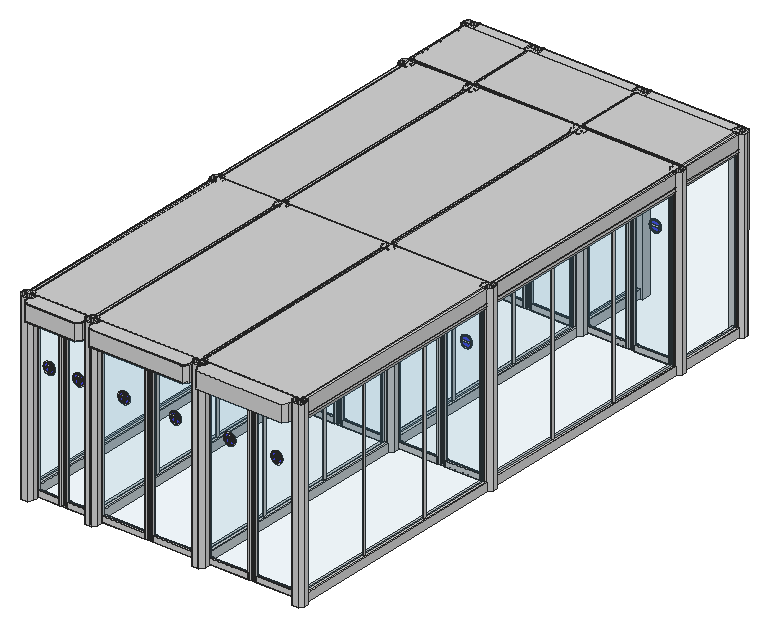
Revit family "ASSA_ABLOY_SecurityPortals_EL_Triple", category Doors, Revit 2020 (continued)
Definition of nested family "PartTriple"
  Definition of nested family "Panel"
    Forms (mm)
      Sweep 3, solid, material <- "Frames"
        profile origin (122.728, 0, 0) x (0, -1, 0) y (0, 0, 1)
          loop
            line (-15, 90) -> (-15, 20) -> (-12, 20) -> (-12, 33) -> (12, 33) -> (12, 20) -> (15, 20) -> (15, 90) -> (2, 90) -> (2, 45.4) -> (-12, 45.4) -> (-12, 90) -> (-15, 90)
      Sweep 4, solid, material <- "Rubber"
        path origin (0, 0, 0) x (1, 0, 0) y (0, 1, 0)
          loop
            line (222.457, 0) -> (33.008, 0)
        profile origin (127.733, 0, 0) x (0, -1, 0) y (0, 0, 1)
          loop
            line (-12, 20) -> (-1.235, 20) -> (-0.472, 7) -> (0.472, 7) -> (1.235, 20) -> (12, 20) -> (12, 30.5) -> (0, 30.5) -> (-12, 30.5) -> (-12, 20)
      Sweep 5, solid, material <- "Frames"
        path origin (0, 0, 2100) x (0, -1, 0) y (1, 0, 0)
          loop
            line (0, 222.457) -> (0, 23)
        profile origin (122.728, 0, 2100) x (0, -1, 0) y (0, 0, 1)
          loop
            line (-15, -77) -> (-12, -77) -> (-12, -32.4) -> (2, -32.4) -> (2, -77) -> (15, -77) -> (15, -7) -> (12, -7) -> (12, -20) -> (-12, -20) -> (-12, -7) -> (-15, -7) -> (-15, -77)
      Extrusion 6, solid, material <- "PanelGlass"
        sketch origin (0, 0, 0) x (1, 0, 0) y (0, 1, 0)
          loop
            line (230.45, 0) -> (230.45, 8) -> (15, 8) -> (15, 0) -> (230.45, 0)
        from 49 to 2064
      Sweep 7, solid, visible <- "Entry"
        path origin (0, 0, 0) x (1, 0, 0) y (0, 1, 0)
          loop
            line (122.728, 0) -> (122.728, -1.002)
        profile origin (122.728, -0.501, 0) x (1, 0, 0) y (0, 0, 1)
          loop
            circle (0, 1520) r 75
          loop
            circle (0, 1520) r 65
          loop
            line (10, 1465) -> (10, 1543.636) -> (40, 1507.883) -> (40, 1527.33) -> (0, 1575) -> (-40, 1527.33) -> (-40, 1507.883) -> (-10, 1543.636) -> (-10, 1465) -> (10, 1465)
      Sweep 8, solid, visible <- "Exit"
        path origin (0, 0, 0) x (1, 0, 0) y (0, 1, 0)
          loop
            line (122.728, 9) -> (122.728, 8)
        profile origin (122.728, 8.5, 0) x (1, 0, 0) y (0, 0, 1)
          loop
            circle (0, 1520) r 75
          loop
            circle (0, 1520) r 65
          loop
            line (55, 1530) -> (-55, 1530) -> (-55, 1510) -> (55, 1510) -> (55, 1530)
      Sweep 9, solid, visible <- "Entry"
        path origin (0, 0, 0) x (1, 0, 0) y (0, 1, 0)
          loop
            line (122.728, 0) -> (122.728, -1.002)
        profile origin (122.728, -0.501, 0) x (1, 0, 0) y (0, 0, 1)
          loop
            circle (0, 1520) r 65
          loop
            line (10, 1465) -> (10, 1543.636) -> (40, 1507.883) -> (40, 1527.33) -> (0, 1575) -> (-40, 1527.33) -> (-40, 1507.883) -> (-10, 1543.636) -> (-10, 1465) -> (10, 1465)
      Sweep 10, solid, visible <- "Exit"
        path origin (0, 0, 0) x (1, 0, 0) y (0, 1, 0)
          loop
            line (122.728, 9) -> (122.728, 8)
        profile origin (122.728, 8.5, 0) x (1, 0, 0) y (0, 0, 1)
          loop
            circle (0, 1520) r 65
          loop
            line (55, 1530) -> (-55, 1530) -> (-55, 1510) -> (55, 1510) -> (55, 1530)
      Sweep 11, solid, material <- "Frames", visible <- "RightPanel"
        path origin (0, 0, 0) x (1, 0, 0) y (0, 0, 1)
          loop
            line (273.1, 2093) -> (273.1, 20)
        profile origin (273.1, 0, 1056.5) x (0, -1, 0) y (1, 0, 0)
          loop
            line (-12.001, -39.05) -> (1.998, -39.05) -> (1.998, -50.643) -> (14.998, -50.643) -> (14.998, -35.65) -> (11.997, -16.65) -> (11.997, -2.65)
            arc (11.997, -2.65) -> (9.768, 2.472) -> (4.5, 4.332) r 7
            line (4.5, 4.332) -> (4.5, -14.15) -> (-4.5, -14.15) -> (-4.5, 4.332)
            arc (-4.5, 4.332) -> (-9.769, 2.473) -> (-11.999, -2.65) r 7
            line (-11.999, -2.65) -> (-11.999, -16.65) -> (-15.001, -35.65) -> (-15.001, -50.643) -> (-12.001, -50.643) -> (-12.001, -39.05)
    Lines and regions (mm)
      Masking region 1
        outline origin (0, 0, 0) x (1, 0, 0) y (0, 1, 0)
          loop
            arc (13.229, 15) -> (-20, 0) -> (13.229, -15) r 20
            line (13.229, -15) -> (23, -15) -> (23, 15) -> (13.229, 15)
      Masking region 2
        outline origin (0, 0, 0) x (1, 0, 0) y (0, 1, 0)
          loop
            line (23, -15) -> (222.457, -15) -> (222.457, 15) -> (23, 15) -> (23, -15)
      Masking region 3, visible <- "LeftPanel", detail levels fine
        outline origin (0, 0, 0) x (1, 0, 0) y (0, 1, 0)
          loop
            line (222.457, -14.998) -> (237.45, -14.998) -> (259.855, -11.459) -> (265.445, -4) -> (280.449, -4) -> (280.449, 4.002) -> (265.445, 4.002) -> (259.855, 11.461) -> (237.45, 15.001) -> (222.457, 15.001) -> (222.457, -14.998)
      Masking region 4, visible <- "RightPanel", detail levels fine
        outline origin (0, 0, 0) x (1, 0, 0) y (0, 1, 0)
          loop
            line (237.45, -14.998) -> (256.45, -11.997) -> (270.45, -11.997)
            arc (270.45, -11.997) -> (275.572, -9.768) -> (277.432, -4.5) r 7
            line (277.432, -4.5) -> (258.95, -4.5) -> (258.95, 4.5) -> (277.432, 4.5)
            arc (277.432, 4.5) -> (275.573, 9.769) -> (270.45, 11.999) r 7
            line (270.45, 11.999) -> (256.45, 11.999) -> (237.45, 15.001) -> (222.457, 15.001) -> (222.457, -14.998) -> (237.45, -14.998)
      Masking region 5, detail levels medium
        outline origin (0, 0, 0) x (1, 0, 0) y (0, 1, 0)
          loop
            line (273.1, -11.997) -> (273.1, 11.999) -> (256.45, 11.999) -> (237.45, 15.001) -> (222.457, 15.001) -> (222.457, -14.998) -> (237.45, -14.998) -> (256.45, -11.997) -> (273.1, -11.997)
      Masking region 6, detail levels coarse
        outline origin (0, 0, 0) x (1, 0, 0) y (0, 1, 0)
          loop
            line (222.457, -14.998) -> (273.1, -14.998) -> (273.1, 15.001) -> (222.457, 15.001) -> (222.457, -14.998)
      reference lines
        curve 1: line (0, 0, 0) -> (500, 0, 0)
        curve 2: line (0, 8, 0) -> (500, 8, 0)
        curve 3: line (273.1, 0, 0) -> (273.1, 0, 27.063)
        curve 4: line (235.45, 0, 0) -> (235.45, 0, 37.698)
        curve 5: line (230.45, 0, 0) -> (230.45, 0, 37.698)
        curve 6: line (222.457, 0, 0) -> (222.457, 0, 37.698)
        curve 7: line (122.728, 0, 0) -> (122.728, 0, 40)
        curve 8: line (30.5, 0, 0) -> (30.5, 0, 40)
        curve 9: line (23, 0, 0) -> (23, 0, 40)
        curve 10: line (15, 0, 0) -> (15, 0, 40)
        curve 11: line (0, 0, 0) -> (0, 0, 40)
        curve 12: line (235.45, 0, 0) -> (235.45, 8, 0)
        curve 13: line (230.45, 0, 0) -> (230.45, 8, 0)
        curve 14: line (222.457, 0, 0) -> (222.457, 8, 0)
        curve 15: line (122.728, 0, 0) -> (122.728, 8, 0)
        curve 16: line (30.5, 0, 0) -> (30.5, 8, 0)
        curve 17: line (23, 0, 0) -> (23, 8, 0)
        curve 18: line (15, 0, 0) -> (15, 8, 0)
        curve 19: line (0, 0, 2100) -> (500, 0, 2100)
        curve 20: line (273.1, 0, 0) -> (273.1, 8, 0)
      symbolic lines, detail levels medium+fine
        curve 21: line (234.05, -1.998, 0) -> (222.457, -1.998, 0)
        curve 22: line (234.05, 12.001, 0) -> (234.05, -1.998, 0)
        curve 23: line (222.457, 12.001, 0) -> (234.05, 12.001, 0)
        curve 24: line (23, 12, 0) -> (399.107, 12, 0)
        curve 25: line (399.107, -2, 0) -> (23, -2, 0)
        curve 26: line (23, -2, 0) -> (11.4, -2, 0)
        curve 27: line (11.4, -2, 0) -> (11.4, 12, 0)
        curve 28: line (11.4, 12, 0) -> (23, 12, 0)
        curve 33: line (222.457, -1.998, 0) -> (222.457, -14.998, 0)
        curve 34: line (222.457, 15.001, 0) -> (222.457, 12.001, 0)
        curve 35: line (23, -15, 0) -> (23, -2, 0)
        curve 36: line (23, 12, 0) -> (23, 15, 0)
      symbolic lines, detail levels fine
        curve 29: line (15, 8, 0) -> (15, 0, 0)
        curve 30: line (15, 0, 0) -> (407.1, 0, 0)
        curve 31: line (407.1, 8, 0) -> (15, 8, 0)
        curve 32: line (407.1, 0, 0) -> (407.1, 8, 0)
    Dimensions and locks
      "PassageHeight": plane 4 "Top" to plane 2
      locked: plane 4 "Top" to plane 5 at 7
      locked: plane 4 "Top" to plane 8 at 36
      curve 8 to curve 9 to curve 10 to curve 11 = 7.50 mm locked, 8.00 mm locked, 15.00 mm locked
      curve 3 to curve 4 to curve 5 to curve 6 = 37.65 mm locked, 5.00 mm locked, 7.993 mm locked
      equal spacing: curve 6, curve 7, curve 9
      "PanelWidth": curve 3 to curve 11
      "PassageHeight": curve 19 to curve 1
      "OpeningRotationAngle": angle plane 1 "Center (Front/Back)" to curve 1
      aligned and locked: level to plane 2
      aligned and locked: plane 4 "Top" to Sweep 1 sketch curve
      aligned and locked: level to Sweep 1 sketch curve
      aligned and locked: plane 5 to Sweep 2 sketch curve
      aligned and locked: plane 6 to Sweep 2 sketch curve
      aligned and locked: plane 8 to Extrusion 6
      aligned and locked: Extrusion 6 to plane 9
      aligned and locked: plane 3 "Center (Left/Right)" to curve 1
      aligned and locked: plane 1 "Center (Front/Back)" to curve 1
      aligned and locked: Sweep 3 sketch curve to curve 1
      aligned and locked: Sweep 5 sketch curve to curve 1
      aligned and locked: Sweep 1 sketch curve to curve 11
      aligned and locked: Sweep 4 sketch curve to curve 1
      aligned and locked: Sweep 2 sketch curve to curve 3
      aligned and locked: Sweep 3 sketch curve to curve 14
      aligned and locked: Sweep 3 sketch curve to curve 17
      aligned and locked: Extrusion 6 to curve 5
      aligned and locked: Sweep 7 sketch curve to curve 15
      aligned and locked: Sweep 9 sketch curve to curve 15
      aligned and locked: Sweep 8 sketch curve to curve 15
      aligned and locked: Sweep 10 sketch curve to curve 15
      aligned and locked: Sweep 11 sketch curve to curve 3
      aligned and locked: plane 6 to Sweep 11 sketch curve
      aligned and locked: plane 5 to Sweep 11 sketch curve
      aligned and locked: Sweep 5 sketch curve to curve 14
      aligned and locked: Sweep 4 sketch curve to curve 14
      aligned and locked: Masking region 1 sketch curve to Sweep 1  (x3)
      aligned and locked: Masking region 2 sketch curve to Sweep 3  (x2)
      aligned and locked: Masking region 2 sketch curve to curve 17
      aligned and locked: Masking region 2 sketch curve to curve 14
      aligned and locked: Masking region 1 sketch curve to curve 17
      aligned and locked: Masking region 3 sketch curve to curve 14
      aligned and locked: Masking region 3 sketch curve to Sweep 2  (x9)
      aligned and locked: Masking region 4 sketch curve to Sweep 11  (x10)
      aligned and locked: Masking region 4 sketch curve to curve 14
      aligned and locked: Masking region 5 sketch curve to curve 20
      aligned and locked: Masking region 5 sketch curve to Sweep 11  (x6)
      aligned and locked: Masking region 5 sketch curve to curve 14
      aligned and locked: Masking region 6 sketch curve to curve 14
      aligned and locked: Masking region 6 sketch curve to Sweep 11  (x2)
      aligned and locked: Masking region 6 sketch curve to curve 20
      aligned and locked: curve 21 to Sweep 11
      aligned and locked: curve 22 to Sweep 11
      aligned and locked: curve 23 to Sweep 11
      aligned and locked: curve 24 to Sweep 3
      aligned and locked: curve 25 to Sweep 3
      aligned and locked: curve 26 to Sweep 1
      aligned and locked: curve 27 to Sweep 1
      aligned and locked: curve 28 to Sweep 1
      aligned and locked: curve 29 to Extrusion 6
      aligned and locked: curve 30 to Extrusion 6
      aligned and locked: curve 31 to Extrusion 6
      aligned and locked: curve 33 to Sweep 11
      aligned and locked: curve 34 to Sweep 11
      aligned and locked: curve 35 to Sweep 1
      aligned and locked: curve 36 to Sweep 1
    Automatic sketch dimensions
      Sweep 4 sketch curve to profile plane = 0.00 mm
      profile plane to Sweep 4 sketch curve = 0.472 mm
      Sweep 4 sketch curve to profile plane = 1.235 mm
      level to Sweep 4 sketch curve = 7.00 mm
      Sweep 4 sketch curve to Sweep 4 sketch curve = 0.00 mm
      Sweep 4 sketch curve to Sweep 4 sketch curve = 10.50 mm
      Sweep 4 sketch curve to profile plane = 0.472 mm
      profile plane to Sweep 4 sketch curve = 1.235 mm
      Sweep 4 sketch curve to Sweep 4 sketch curve = 10.765 mm  (x2)
      Sweep 4 sketch curve to Sweep 4 sketch curve = 13.00 mm
      profile plane to Sweep 3 sketch curve = 15.00 mm
      Sweep 3 sketch curve to Sweep 3 sketch curve = 3.00 mm  (x3)
      Sweep 3 sketch curve to profile plane = 2.00 mm
      Sweep 3 sketch curve to profile plane = 12.00 mm
      level to Sweep 3 sketch curve = 20.00 mm  (x2)
      Sweep 3 sketch curve to Sweep 3 sketch curve = 13.00 mm
      Sweep 3 sketch curve to Sweep 3 sketch curve = 12.40 mm
      Sweep 3 sketch curve to Sweep 3 sketch curve = 44.60 mm
      Sweep 3 sketch curve to Sweep 3 sketch curve = 0.00 mm
      profile plane to Sweep 5 sketch curve = 15.00 mm
      Sweep 5 sketch curve to Sweep 5 sketch curve = 3.00 mm  (x3)
      Sweep 5 sketch curve to profile plane = 2.00 mm
      Sweep 5 sketch curve to profile plane = 12.00 mm
      Sweep 5 sketch curve to plane 4 "Top" = 77.00 mm
      Sweep 5 sketch curve to Sweep 5 sketch curve = 0.00 mm
      Sweep 5 sketch curve to plane 4 "Top" = 32.40 mm
      Sweep 5 sketch curve to Sweep 5 sketch curve = 12.40 mm
      Sweep 5 sketch curve to plane 4 "Top" = 7.00 mm  (x2)
      Sweep 7 sketch curve to Sweep 7 sketch curve = 0.00 mm  (x3)
      profile plane to Sweep 7 sketch curve = 0.00 mm  (x2)
      profile plane to Sweep 7 sketch curve = 10.00 mm
      Sweep 7 sketch curve to Sweep 7 sketch curve = 30.00 mm
      Sweep 7 sketch curve to profile plane = 10.00 mm
      Sweep 7 sketch curve to profile plane = 40.00 mm
      level to Sweep 7 sketch curve = 1465.00 mm
      Sweep 7 sketch curve to Sweep 7 sketch curve = 42.883 mm  (x2)
      Sweep 7 sketch curve to Sweep 7 sketch curve = 12.117 mm
      Sweep 7 sketch curve to Sweep 7 sketch curve = 19.447 mm  (x2)
      Sweep 7 sketch curve to Sweep 7 sketch curve = 23.636 mm
      Sweep 7 sketch curve to Sweep 7 sketch curve = 31.364 mm
      Sweep 8 sketch curve to Sweep 8 sketch curve = 0.00 mm  (x2)
      profile plane to Sweep 8 sketch curve = 0.00 mm
      Sweep 8 sketch curve to Sweep 8 sketch curve = 10.00 mm
      Sweep 8 sketch curve to Sweep 8 sketch curve = 20.00 mm
      profile plane to Sweep 8 sketch curve = 55.00 mm
      Sweep 8 sketch curve to profile plane = 55.00 mm
      level to Sweep 8 sketch curve = 1510.00 mm
      profile plane to Sweep 9 sketch curve = 0.00 mm  (x2)
      profile plane to Sweep 9 sketch curve = 10.00 mm
      profile plane to Sweep 9 sketch curve = 40.00 mm
      Sweep 9 sketch curve to profile plane = 10.00 mm
      Sweep 9 sketch curve to profile plane = 40.00 mm
      level to Sweep 9 sketch curve = 1465.00 mm
      Sweep 9 sketch curve to Sweep 9 sketch curve = 42.883 mm  (x2)
      Sweep 9 sketch curve to Sweep 9 sketch curve = 12.117 mm
      Sweep 9 sketch curve to Sweep 9 sketch curve = 19.447 mm  (x2)
      Sweep 9 sketch curve to Sweep 9 sketch curve = 0.00 mm
      Sweep 9 sketch curve to Sweep 9 sketch curve = 31.364 mm
      Sweep 9 sketch curve to Sweep 9 sketch curve = 23.636 mm
      profile plane to Sweep 10 sketch curve = 0.00 mm
      profile plane to Sweep 10 sketch curve = 55.00 mm
      Sweep 10 sketch curve to profile plane = 55.00 mm
      level to Sweep 10 sketch curve = 1510.00 mm
      Sweep 10 sketch curve to Sweep 10 sketch curve = 10.00 mm
      Sweep 10 sketch curve to Sweep 10 sketch curve = 20.00 mm
      curve 1 to Extrusion 6 sketch curve = 0.00 mm
      curve 1 to Extrusion 6 sketch curve = 15.00 mm
      Extrusion 6 sketch curve to curve 1 = 8.00 mm
      Extrusion 6 sketch curve to Extrusion 6 sketch curve = 215.45 mm
      curve 1 to Sweep 7 sketch curve = 0.00 mm
      curve 1 to Sweep 7 sketch curve = 1.002 mm
      Sweep 8 sketch curve to curve 1 = 8.00 mm
      Sweep 8 sketch curve to Sweep 8 sketch curve = 1.00 mm
      curve 1 to Sweep 9 sketch curve = 0.00 mm
      curve 1 to Sweep 9 sketch curve = 1.002 mm
      Sweep 10 sketch curve to curve 1 = 8.00 mm
      Sweep 10 sketch curve to Sweep 10 sketch curve = 1.00 mm
      curve 2 to curve 1 = 0.00 mm  (x2)
      curve 1 to curve 2 = 8.00 mm
      Sweep 1 sketch curve to profile plane = 0.00 mm
      profile plane to Sweep 1 sketch curve = 0.00 mm
      Sweep 1 sketch curve to profile plane = 12.00 mm
      Sweep 1 sketch curve to Sweep 1 sketch curve = 3.00 mm
      profile plane to Sweep 1 sketch curve = 2.00 mm
      Sweep 1 sketch curve to Sweep 1 sketch curve = 13.00 mm
      Sweep 1 sketch curve to profile plane = 11.40 mm
      Sweep 1 sketch curve to Sweep 1 sketch curve = 1.829 mm
      Sweep 1 sketch curve to Sweep 1 sketch curve = 9.771 mm  (x2)
      Sweep 2 sketch curve to profile plane = 15.001 mm
      Sweep 2 sketch curve to Sweep 2 sketch curve = 3.001 mm
      Sweep 2 sketch curve to profile plane = 11.461 mm
      Sweep 2 sketch curve to profile plane = 4.002 mm
      profile plane to Sweep 2 sketch curve = 1.998 mm
      profile plane to Sweep 2 sketch curve = 4.00 mm
      Sweep 2 sketch curve to Sweep 2 sketch curve = 7.459 mm
      Sweep 2 sketch curve to Sweep 2 sketch curve = 13.00 mm
      profile plane to Sweep 2 sketch curve = 50.643 mm
      Sweep 2 sketch curve to Sweep 2 sketch curve = 0.00 mm
      Sweep 2 sketch curve to Sweep 2 sketch curve = 11.593 mm
      Sweep 2 sketch curve to Sweep 2 sketch curve = 3.40 mm  (x2)
      profile plane to Sweep 2 sketch curve = 13.245 mm  (x2)
      profile plane to Sweep 2 sketch curve = 7.655 mm  (x2)
      Sweep 2 sketch curve to profile plane = 7.349 mm
      curve 1 to Sweep 4 sketch curve = 33.008 mm
      curve 4 to curve 12 = 0.00 mm
      curve 12 to curve 4 = 8.00 mm
      curve 12 to curve 4 = 0.00 mm
      curve 5 to curve 13 = 0.00 mm
      curve 13 to curve 5 = 8.00 mm
      curve 13 to curve 5 = 0.00 mm
      curve 6 to curve 14 = 0.00 mm
      curve 14 to curve 6 = 8.00 mm
      curve 14 to curve 6 = 0.00 mm
      curve 7 to curve 15 = 0.00 mm
      curve 15 to curve 7 = 8.00 mm
      curve 15 to curve 7 = 0.00 mm
      curve 8 to curve 16 = 0.00 mm
      curve 16 to curve 8 = 8.00 mm
      curve 16 to curve 8 = 0.00 mm
      curve 9 to curve 17 = 0.00 mm
      curve 17 to curve 9 = 8.00 mm
      curve 17 to curve 9 = 0.00 mm
      curve 10 to curve 18 = 0.00 mm
      curve 18 to curve 10 = 8.00 mm
      curve 18 to curve 10 = 0.00 mm
      Sweep 11 sketch curve to profile plane = 15.001 mm
      Sweep 11 sketch curve to Sweep 11 sketch curve = 3.00 mm
      profile plane to Sweep 11 sketch curve = 2.65 mm  (x2)
      Sweep 11 sketch curve to profile plane = 11.999 mm
      Sweep 11 sketch curve to profile plane = 4.999 mm
      Sweep 11 sketch curve to profile plane = 4.50 mm
      profile plane to Sweep 11 sketch curve = 1.998 mm
      profile plane to Sweep 11 sketch curve = 4.50 mm
      profile plane to Sweep 11 sketch curve = 4.997 mm
      Sweep 11 sketch curve to Sweep 11 sketch curve = 7.00 mm
      Sweep 11 sketch curve to Sweep 11 sketch curve = 13.00 mm
      Sweep 11 sketch curve to Sweep 11 sketch curve = 11.50 mm
      Sweep 11 sketch curve to Sweep 11 sketch curve = 2.50 mm  (x2)
      Sweep 11 sketch curve to Sweep 11 sketch curve = 19.00 mm  (x2)
      Sweep 11 sketch curve to Sweep 11 sketch curve = 3.40 mm
      Sweep 11 sketch curve to Sweep 11 sketch curve = 11.593 mm
      Sweep 11 sketch curve to Sweep 11 sketch curve = 14.993 mm
      curve 19 to Sweep 5 sketch curve = 23.00 mm
      curve 3 to curve 20 = 0.00 mm
      curve 20 to curve 3 = 8.00 mm
      curve 20 to curve 3 = 0.00 mm
      curve 23 to curve 24 = 176.65 mm
      curve 21 to curve 25 = 176.65 mm
      curve 1 to curve 29 = 0.00 mm
      curve 27 to curve 29 = 3.60 mm
      curve 21 to curve 30 = 173.05 mm
      curve 29 to curve 27 = 4.00 mm
      curve 33 to curve 25 = 12.998 mm
      curve 23 to curve 34 = 3.00 mm
      curve 35 to curve 25 = 13.00 mm
      curve 36 to curve 36 = 3.00 mm
      curve 11 to curve 1 = 0.00 mm  (x2)
      curve 19 to curve 1 = 0.00 mm  (x2)
      curve 3 to curve 1 = 0.00 mm
      curve 4 to curve 1 = 0.00 mm
      curve 10 to curve 1 = 0.00 mm
      curve 5 to curve 1 = 0.00 mm
      curve 9 to curve 1 = 0.00 mm
      curve 6 to curve 1 = 0.00 mm
      curve 8 to curve 1 = 0.00 mm
      curve 7 to curve 1 = 0.00 mm
      curve 1 to curve 11 = 40.00 mm
      curve 3 to curve 1 = 27.063 mm
      curve 6 to curve 1 = 37.698 mm
      curve 5 to curve 6 = 0.00 mm
      curve 4 to curve 5 = 0.00 mm
      curve 7 to curve 1 = 40.00 mm
      curve 1 to curve 10 = 40.00 mm
      curve 9 to curve 10 = 0.00 mm
      curve 8 to curve 9 = 0.00 mm
      radius of Sweep 7 sketch curve = 75.00 mm
      radius of Sweep 7 sketch curve = 65.00 mm
      radius of Sweep 8 sketch curve = 75.00 mm
      radius of Sweep 8 sketch curve = 65.00 mm
      radius of Sweep 9 sketch curve = 65.00 mm
      radius of Sweep 10 sketch curve = 65.00 mm
